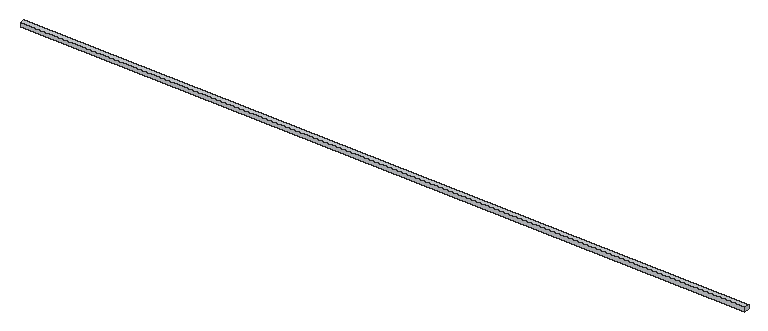
Revit family "NARROW 2216 IP 20_S242240.W.1", category Luminarias, Revit 2019
Family settings
  Cota de conector redondo = Diámetro de uso
  Tipo de pieza = Normal
  Se basa en plano de trabajo = Sí
  Siempre vertical = No
  Corte con vacíos al cargar = No
  Origen de luz = Sí
  Compartido = No
  Punto de cálculo de habitación = No
Parameters (values of type "NARROW 2216 IP 20_S242240.W.1")
  Tilt Angle = 60.00°
  Zone [instance] = ""
  Watt per fixture [instance] = (Longitud / 1000 mm) * (19.2)  # 19.2
  Wattage = 19.2 W
  built-in parameter 1150107 = 3000 (stored number, unit not read)
  built-in parameter 1150110 = 1 (stored number, unit not read)
  built-in parameter 1150109 = 1 (stored number, unit not read)
  built-in parameter 1150112 = 1 (stored number, unit not read)
  built-in parameter 1150113 = 1 (stored number, unit not read)
  built-in parameter 1114218 = 1 (stored number, unit not read)
  built-in parameter 1150142 = "IESNA:LM-63-1995\r\n[TEST]  \r\n[DATE] 2019/06/20\r\n[MANUFAC] BRILLANTE ILUMINACION\r\n[LUMCAT] \r\n[LUMINAIRE] S242240.W.1\r\n[LAMPCAT] \r\n[LAMP] NARROW 2216 IP20  3000°K\r\n[BALLASTCAT] \r\n[BALLAST] \r\n[OTHER]  \r\n[More] Temprature:25 Humidity:40\r\n[More] Frequency:DC Voltage:24.0 Current:0.8 Power:19.2 PF:0.000\r\nTILT=NONE\r\n1 1416.000 1.000 13 13 2 2 0.0 1.0 0.0\r\n1.0 1.0 19.2\r\n-90.0 -75.0 -60.0 -45.0 -30.0 -15.0 0.0 15.0 30.0 45.0 60.0 75.0 90.0\r\n-90.0 -75.0 -60.0 -45.0 -30.0 -15.0 0.0 15.0 30.0 45.0 60.0 75.0 90.0\r\n1.988 1.988 1.988 1.988 1.988 1.988 1.988 1.988 1.988 1.988 1.988 1.988 1.988\r\n2.965 16.803 38.592 61.765 81.170 93.755 97.557 92.169 78.595 58.744 35.829 14.327 1.728\r\n3.110 40.895 97.122 153.033 197.230 224.649 233.423 223.083 194.071 148.646 91.800 36.663 3.207\r\n3.576 69.059 159.032 239.920 300.947 337.804 348.736 333.420 292.184 227.267 143.565 55.164 3.455\r\n2.971 88.345 201.890 301.228 376.005 421.662 436.132 418.911 370.138 292.396 190.120 76.178 3.453\r\n2.348 107.575 235.683 344.693 425.985 475.152 489.645 469.052 413.991 326.918 212.917 84.229 2.840\r\n2.412 108.538 241.006 354.347 439.513 491.589 507.980 488.157 432.434 343.496 226.059 92.184 2.712\r\n4.534 109.472 237.428 346.135 427.140 475.986 490.238 469.504 414.284 327.290 213.239 84.501 2.598\r\n5.195 91.723 204.977 303.644 377.919 423.024 437.109 419.563 370.718 292.997 190.656 76.704 2.646\r\n7.036 73.516 163.152 243.289 303.543 339.611 349.939 334.249 292.996 228.088 144.469 55.832 2.030\r\n7.180 45.471 101.650 156.940 200.224 226.756 234.909 224.321 195.265 149.827 93.041 37.431 1.729\r\n6.259 21.265 43.172 65.699 84.602 96.658 100.156 94.735 80.923 60.736 37.632 16.151 1.695\r\n1.977 1.977 1.977 1.977 1.977 1.977 1.977 1.977 1.977 1.977 1.977 1.977 1.977\r\n"
  built-in parameter 1150137 = (empty or 0)
  built-in parameter 1150132 = (empty or 0)
  Modelo = "S242240.W.1"
  Lámpara = "2216 SMD"
  Longitud de línea de emisión = 600 mm
  Longitud [instance] = 1000 mm
  built-in parameter 1150105 = 544.58 (stored number, unit not read)
  built-in parameter 1150102 = (empty or 0)
  built-in parameter 1150106 = 5.4458 (stored number, unit not read)
  Lumens = 1536 lm
  Color Filter = 16777215
  built-in parameter 1114217 = 1 (stored number, unit not read)
  built-in parameter 1150139 = (empty or 0)
  Fabricante = "BRILLANT"
  Default Elevation = 0 mm
  built-in parameter 1150104 = 7.4322 (stored number, unit not read)
  Descripción = "TIRA LED NARROW 6MM DE ANCHO IP20 USO PARA INTERIORES, DE PCB BLANCO SIN RECUBRIMIENTO, MONO CROMATICA, CON UNA POTENCIA DE 19.2W/M DE UN TIPO DE LED 2216 SMD, IRC90, 240 LEDS POR METRO, PRESENTACION DE 5M, TEMPERATURA EN BLANCO CALIDO 3000K, 1536 LUMENES POR METRO, EFICIENCIA DE 80 LM/W, CORTE A 2.5CM, ALIMENTADA A 24V, REQUIERE ACCESORIOS COMO FUENTE DE PODER Y CABLE DE ALIMENTACION. PERFIL EN CASO DE SER NECESARIO."
  built-in parameter 1150115 = 1 (stored number, unit not read)
  built-in parameter 1150114 = 1 (stored number, unit not read)
  Costo USD_S242240 [instance] = (Longitud / 1000 mm) * (16)  # 16
  Cost = 0
  Comentarios de vataje = "24V"
  built-in parameter 1150138 = (empty or 0)
  built-in parameter 1150134 = (empty or 0)
  Circuit [instance] = ""
  Dimming Lamp Color Temperature Shift = (empty or 0)
  Archivo de red fotométrica = "S242240.W.1 IES.IES"
  Ancho = 6 mm
  built-in parameter 1150133 = 10 (stored number, unit not read)
Reference planes
  plane 1 "Centro (Frontal/Posterior)": y = 0
  plane 2: z = 0
  plane 3 "Centro (Izquierda/Derecha)": x = 0
  plane 4: x = 0
  plane 5: z = 12
  plane 6: x = -1000
  plane 7: y = 3
  plane 8: y = -3
Forms (mm)
  Extrusion 1, solid
    sketch origin (0, 0, 0) x (1, 0, 0) y (0, 1, 0)
      loop
        line (-1000, 3) -> (-1000, -3) -> (0, -3) -> (0, 3) -> (-1000, 3)
    from 0 to 6.038
Dimensions and locks
  "Longitud": plane 6 to plane 4
  equal spacing: plane 7, plane 1 "Centro (Frontal/Posterior)", plane 8
  plane 1 "Centro (Frontal/Posterior)" to plane 7 = 3 mm
  "Ancho": plane 7 to plane 8
  "Longitud": plane 6 to plane 3 "Centro (Izquierda/Derecha)"
  aligned and locked: level to plane 2
  aligned and locked: Extrusion 1 to plane 4
  aligned and locked: plane 6 to Extrusion 1
  aligned and locked: plane 3 "Centro (Izquierda/Derecha)" to Extrusion 1
  aligned and locked: Extrusion 1 to plane 7
  aligned and locked: Extrusion 1 to plane 8
Automatic sketch dimensions
  Extrusion 1 sketch curve to plane 6 = 0 mm
  Extrusion 1 sketch curve to plane 3 "Centro (Izquierda/Derecha)" = 0 mm
  plane 1 "Centro (Frontal/Posterior)" to Extrusion 1 sketch curve = 3 mm
  Extrusion 1 sketch curve to plane 1 "Centro (Frontal/Posterior)" = 3 mm
Connectors
  electrical at (0, 0, 3.019)
    settings: on Extrusion 1, index 1, voltage 24 V, apparent load 0 VA, apparent load phase1 0 VA, apparent load phase2 0 VA, apparent load phase3 0 VA, power factor 1, load classification "Otro", number of poles 1, system type 31, power factor state 1, is connector primary yes, connector utility no, sub classification motor no, connector description ""
